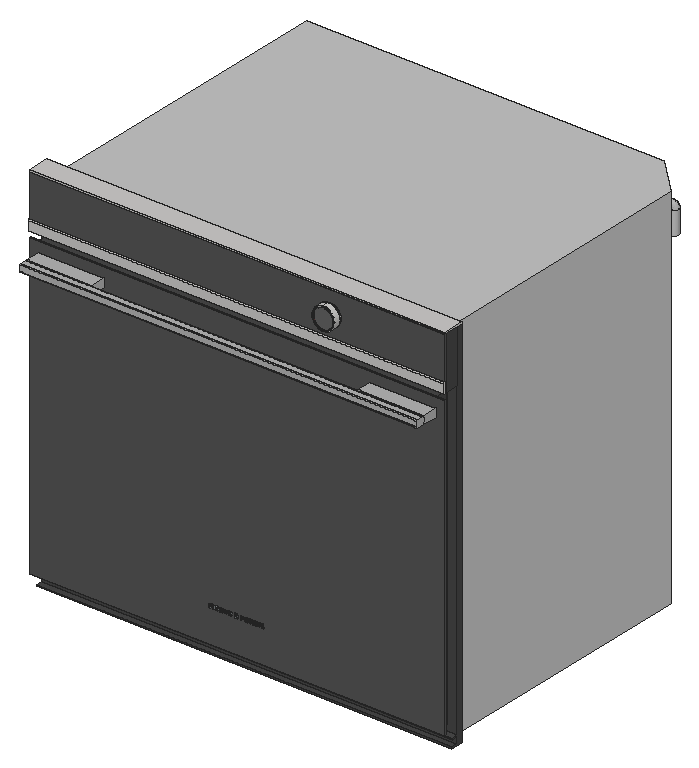
Revit family "FP-Revit18-OB30SD14PLX1-Oven-0-9000xxxxA", category Specialty Equipment, Revit 2018
Family settings
  Round Connector Dimension = Use Diameter
  Part Type = Normal
  OmniClass Number = 23.40.40.14.17.11
  OmniClass Title = Cookers, Ovens, Stoves
  Work Plane-Based = No
  Always vertical = Yes
  Cut with Voids When Loaded = Yes
  Shared = No
  Room Calculation Point = No
Parameters (values of type "OB30SD14PLX1")
  Visibility - Long Trim (Flush Installation) [instance] = no
  Visibility - Clearance Required = yes
  URL = "www.fisherpaykel.com"
  Product - Width = 760 mm  # constant formula
  Product - Height = 690 mm  # constant formula
  Product - Depth = 609 mm  # constant formula
  Model = "OB30SD14PLX1"
  Material - Trim = Fisher & Paykel - Stainless Steel
  Material - Structure = Fisher & Paykel - Black
  Material - Logo = Fisher & Paykel - Graphics Grey
  Material - Handle = Fisher & Paykel - Aluminium
  Material - Glass = Fisher & Paykel - Glass, Black
  Material - Buttons and Dials = Fisher & Paykel - Stainless Steel
  Material - Body = Fisher & Paykel - Grey
  Manufacturer = "Fisher & Paykel Appliances"
  FFL Offset [instance] = 182 mm
  Description = "30\" Self Cleaning Oven"
  Connector Note - Electrical = "208-240 V, 60 Hz, 16.6-19.4 A , 3.5-4.6 kW Max Load"
  Chassis - Width = 720 mm  # constant formula
  Chassis - Height = 675 mm  # constant formula
  Chassis - Depth = 569 mm  # constant formula
  Cavity - Width = 724 mm  # constant formula
  Cavity - Height = 681 mm  # constant formula
  Cavity - Depth = 575 mm  # constant formula
  Cabinet - Height = 693 mm  # constant formula
Reference planes
  plane 1 "Datum": y = 0
  plane 2: z = 0
  plane 3 "Center (Left/Right)": x = 0
  plane 4 "Cabinet - Height": z = 875
  plane 5 "Product LHS": x = -380
  plane 6 "Product RHS": x = 380
  plane 7 "Product - Depth": y = 569
  plane 8 "Cavity LHS": x = -382
  plane 9 "Cavity RHS": x = 382
  plane 10 "Cavity - Depth": y = 575
  plane 11 "Front Face": y = -40
  plane 12 "FFL Offset": z = 182
  plane 13 "Product - Height": z = 872
  plane 14: z = 863
Forms (mm)
  Extrusion 1, solid, material "Fisher & Paykel - Grey" <- "Material - Body"
    sketch origin (0, 0, 0) x (1, 0, 0) y (0, 1, 0)
      loop
        line (-359.809, 0) -> (360.191, 0) -> (360.191, 503) -> (294.191, 569) -> (-359.809, 569) -> (-359.809, 0)
    from 182 to 857
  Extrusion 2, solid, material "Fisher & Paykel - Clearance Required", visible <- "Visibility - Clearance Required", detail levels coarse
    sketch origin (0, 0, 0) x (1, 0, 0) y (0, 1, 0)
      loop
        line (-361.809, 0) -> (362.191, 0) -> (362.191, 575) -> (-361.809, 575) -> (-361.809, 0)
    from 182 to 863
  Extrusion 3, solid, material "Fisher & Paykel - Black" <- "Material - Structure"
    sketch origin (0, 0, 0) x (0, 1, 0) y (0, 0, 1)
      loop
        line (-11, 869.1) -> (-11, 199.834) -> (-21.5, 197.02) -> (-21.254, 196.102) -> (-11, 198.85) -> (-11, 183.95) -> (-22, 183.95) -> (-22, 182) -> (0, 182) -> (0, 869.1) -> (-11, 869.1)
    from -380 to 380
  Extrusion 4, solid, material "Fisher & Paykel - Black" <- "Material - Structure"
    sketch origin (0, 0, 0) x (0, 1, 0) y (0, 0, 1)
      loop
        line (-36, 869.1) -> (-36, 772) -> (-11, 772) -> (-11, 869.1) -> (-36, 869.1)
    from -380 to 380
  Extrusion 5, solid, material "Fisher & Paykel - Black" <- "Material - Structure"
    sketch origin (0, 0, 0) x (0, 1, 0) y (0, 0, 1)
      loop
        line (-16.2, 209.63) -> (-16.2, 759.665) -> (-36, 759.665) -> (-36, 209.63) -> (-16.2, 209.63)
    from -365 to 363.494
  Extrusion 6, solid, material "Fisher & Paykel - Black" <- "Material - Structure"
    sketch origin (0, 0, 0) x (0, 1, 0) y (0, 0, 1)
      loop
        line (-16.2, 759.665) -> (-16.2, 209.63) -> (-11, 209.63) -> (-11, 759.665) -> (-16.2, 759.665)
    from -361 to 361
  Extrusion 7, solid, material "Fisher & Paykel - Glass, Black" <- "Material - Glass"
    sketch origin (0, 0, 0) x (0, 1, 0) y (0, 0, 1)
      loop
        line (-40, 759.665) -> (-40, 209.63) -> (-36, 209.63) -> (-36, 759.665) -> (-40, 759.665)
    from -380 to 380
  Extrusion 8, solid, material "Fisher & Paykel - Glass, Black" <- "Material - Glass"
    sketch origin (0, 0, 0) x (0, 1, 0) y (0, 0, 1)
      loop
        line (-40, 868.639) -> (-40, 772) -> (-36, 772) -> (-36, 868.639) -> (-40, 868.639)
    from -380 to 380
  Extrusion 9, solid, material "Fisher & Paykel - Stainless Steel" <- "Material - Trim", detail levels fine
    sketch origin (0, 0, 0) x (0, 1, 0) y (0, 0, 1)
      loop
        line (-41.95, 789.531) -> (-41.95, 772) -> (-40, 772) -> (-40, 791.643) -> (-40.8, 791.643) -> (-41.95, 789.531)
    from -380 to 380
  Extrusion 10, solid, material "Fisher & Paykel - Clearance Required", visible <- "Visibility - Clearance Required", detail levels coarse
    sketch origin (0, -2000, 0) x (0, 1, 0) y (0, 0, 1)
      loop
        line (2000, 875) -> (1960.062, 875) -> (1960.062, 761.128)
        arc (1960.062, 761.128) -> (1570.095, 599.598) -> (1408.565, 209.63) r 551.498
        line (1408.565, 209.63) -> (1960, 209.63) -> (1960, 182) -> (2000, 182) -> (2000, 875)
    from -382 to 382
  Extrusion 11, solid, material "Fisher & Paykel - Stainless Steel" <- "Material - Trim"
    sketch origin (0, 0, 0) x (0, 1, 0) y (0, 0, 1)
      loop
        line (-40, 872) -> (-40, 869.1) -> (0, 869.1) -> (0, 872) -> (-40, 872)
    from -380 to 380
  Extrusion 12, void
    sketch origin (0, 0, 0) x (1, 0, 0) y (0, 1, 0)
      loop
        line (-361.809, 575) -> (-361.809, 0) -> (362.191, 0) -> (362.191, 575) -> (-361.809, 575)
    from 182 to 863
  Extrusion 13, void
    sketch origin (0, 0, 0) x (1, 0, 0) y (0, 1, 0)
      loop
        line (-382, 0) -> (-382, -40) -> (382, -40) -> (382, 0) -> (-382, 0)
    from 182 to 875
  Revolve 14, solid, material "Fisher & Paykel - Stainless Steel" <- "Material - Buttons and Dials", detail levels fine
    sketch origin (170, -40, 827.5) x (0, 1, 0) y (0, 0, 1)
      loop
        line (0, 20.5) -> (-0.843, 20.5) -> (-0.843, 5.623) -> (-3.464, 5.623) -> (-3.464, 20.5) -> (-15, 20.5) -> (-15, 19.672) -> (-14.502, 18.5) -> (-8.9, 18.5) -> (-8.9, 0) -> (0, 0) -> (0, 20.5)
      axis (0, 0) -> (-15, 0)
    angle from 0 to 360
  Extrusion 15, solid, material "Fisher & Paykel - Stainless Steel, Dark", detail levels fine
    sketch origin (170, -40, 827.5) x (1, 0, 0) y (0, 0, 1)
      loop
        circle (0, 0) r 18
    from 8.9 to 14.502
  Extrusion 16, solid, material "Fisher & Paykel - Stainless Steel" <- "Material - Buttons and Dials", detail levels coarse+medium
    sketch origin (170, -40, 827.5) x (1, 0, 0) y (0, 0, 1)
      loop
        circle (0, 0) r 20.5
    from 0 to 15
  Extrusion 17, solid, material "Fisher & Paykel - Bezel Red", detail levels fine
    sketch origin (170, -40, 827.5) x (1, 0, 0) y (0, 0, 1)
      loop
        circle (0, 0) r 18.5
      loop
        circle (0, 0) r 18
    from 8.9 to 14.502
  Extrusion 18, solid, material "Fisher & Paykel - Aluminium" <- "Material - Handle", detail levels fine
    sketch origin (8.022, -41, 734.648) x (0, 1, 0) y (0, 0, 1)
      loop
        arc (-26.813, 6.16) -> (-27.196, 6.554) -> (-27.728, 6.686) r 1
        line (-27.728, 6.686) -> (-40.035, 6.256)
        arc (-40.035, 6.256) -> (-40.719, 5.951) -> (-41, 5.257) r 1
        line (-41, 5.257) -> (-41, -5.257)
        arc (-41, -5.257) -> (-40.719, -5.951) -> (-40.035, -6.256) r 1
        line (-40.035, -6.256) -> (-27.709, -6.686)
        arc (-27.709, -6.686) -> (-27.175, -6.554) -> (-26.792, -6.158) r 1
        arc (-26.792, -6.158) -> (-25.256, 0.004) -> (-26.813, 6.16) r 13.038
    from -371.522 to 355.478
  Extrusion 19, solid, material "Fisher & Paykel - Aluminium" <- "Material - Handle", detail levels fine
    sketch origin (8.022, -41, 734.648) x (0, 1, 0) y (0, 0, 1)
      loop
        arc (-26.626, -6.008) -> (-26.614, -6.49) -> (-26.2, -6.737) r 0.5
        line (-26.2, -6.737) -> (1, -7.732) -> (1, 7.741) -> (-26.174, 6.747)
        arc (-26.174, 6.747) -> (-26.587, 6.5) -> (-26.6, 6.019) r 0.5
        arc (-26.6, 6.019) -> (-25.156, 0.002) -> (-26.626, -6.008) r 13.136
    from 235.478 to 355.478
  Extrusion 20, solid, material "Fisher & Paykel - Aluminium" <- "Material - Handle", detail levels coarse+medium
    sketch origin (8.022, -42, 734.648) x (1, 0, 0) y (0, 1, 0)
      loop
        line (-371.522, -40) -> (355.478, -40) -> (355.478, 2) -> (235.478, 2) -> (235.478, -24.334) -> (-251.522, -24.334) -> (-251.522, 2) -> (-371.522, 2) -> (-371.522, -40)
    from -8.022 to 7.978
  Extrusion 21, solid, material "Fisher & Paykel - Aluminium" <- "Material - Handle", detail levels fine
    sketch origin (8.022, -41, 734.648) x (0, 1, 0) y (0, 0, 1)
      loop
        arc (-26.626, -6.008) -> (-26.614, -6.49) -> (-26.2, -6.737) r 0.5
        line (-26.2, -6.737) -> (1, -7.732) -> (1, 7.741) -> (-26.174, 6.747)
        arc (-26.174, 6.747) -> (-26.587, 6.5) -> (-26.6, 6.019) r 0.5
        arc (-26.6, 6.019) -> (-25.156, 0.002) -> (-26.626, -6.008) r 13.136
    from -371.522 to -251.522
  Extrusion 22, solid, material "Fisher & Paykel - Aluminium" <- "Material - Handle", not visible, detail levels fine
    sketch origin (8.022, -2041, 719.648) x (0, 1, 0) y (0, 0, 1)
      loop
        arc (-26.813, 6.16) -> (-27.196, 6.554) -> (-27.728, 6.686) r 1
        line (-27.728, 6.686) -> (-40.035, 6.256)
        arc (-40.035, 6.256) -> (-40.719, 5.951) -> (-41, 5.257) r 1
        line (-41, 5.257) -> (-41, -5.257)
        arc (-41, -5.257) -> (-40.719, -5.951) -> (-40.035, -6.256) r 1
        line (-40.035, -6.256) -> (-27.709, -6.686)
        arc (-27.709, -6.686) -> (-27.175, -6.554) -> (-26.792, -6.158) r 1
        arc (-26.792, -6.158) -> (-25.256, 0.004) -> (-26.813, 6.16) r 13.038
    from -371.522 to 355.478
  Extrusion 23, solid, material "Fisher & Paykel - Aluminium" <- "Material - Handle", not visible, detail levels fine
    sketch origin (8.022, -2041, 719.648) x (0, 1, 0) y (0, 0, 1)
      loop
        arc (-26.626, -6.008) -> (-26.614, -6.49) -> (-26.2, -6.737) r 0.5
        line (-26.2, -6.737) -> (1, -7.732) -> (1, 7.741) -> (-26.174, 6.747)
        arc (-26.174, 6.747) -> (-26.587, 6.5) -> (-26.6, 6.019) r 0.5
        arc (-26.6, 6.019) -> (-25.156, 0.002) -> (-26.626, -6.008) r 13.136
    from 235.478 to 355.478
  Extrusion 24, solid, material "Fisher & Paykel - Aluminium" <- "Material - Handle", not visible, detail levels coarse+medium
    sketch origin (8.022, -2042, 719.648) x (1, 0, 0) y (0, 1, 0)
      loop
        line (-371.522, -40) -> (355.478, -40) -> (355.478, 2) -> (235.478, 2) -> (235.478, -24.334) -> (-251.522, -24.334) -> (-251.522, 2) -> (-371.522, 2) -> (-371.522, -40)
    from -8.022 to 7.978
  Extrusion 25, solid, material "Fisher & Paykel - Aluminium" <- "Material - Handle", not visible, detail levels fine
    sketch origin (8.022, -2041, 719.648) x (0, 1, 0) y (0, 0, 1)
      loop
        arc (-26.626, -6.008) -> (-26.614, -6.49) -> (-26.2, -6.737) r 0.5
        line (-26.2, -6.737) -> (1, -7.732) -> (1, 7.741) -> (-26.174, 6.747)
        arc (-26.174, 6.747) -> (-26.587, 6.5) -> (-26.6, 6.019) r 0.5
        arc (-26.6, 6.019) -> (-25.156, 0.002) -> (-26.626, -6.008) r 13.136
    from -371.522 to -251.522
  Extrusion 26, solid, material "Fisher & Paykel - Grey" <- "Material - Body"
    sketch origin (327.191, 536, 812.625) x (0.707107, -0.707107, 0) y (0, 0, 1)
      loop
        circle (0, 0) r 14.523
      loop
        circle (0, 0) r 7.273
    from -3.02 to 0
  Sweep 27, solid, material "Fisher & Paykel - Grey" <- "Material - Body"
    path origin (327.191, 536, 812.625) x (0.707107, 0.707107, 0) y (0, 0, 1)
      loop
        line (0, 0) -> (2.546, 0)
        arc (2.546, 0) -> (8.203, -2.343) -> (10.546, -8) r 8
        line (10.546, -8) -> (10.546, -49.977)
    profile origin (328.091, 536.9, 812.625) x (0, 0, 1) y (0.707107, -0.707107, 0)
      loop
        circle (0, 0) r 7.273
  Extrusion 28, solid, material "Fisher & Paykel - Grey" <- "Material - Body", not visible
    sketch origin (327.191, 536, 797.625) x (0.707107, -0.707107, 0) y (0, 0, 1)
      loop
        circle (0, 0) r 14.523
      loop
        circle (0, 0) r 7.273
    from -3.02 to 0
  Sweep 29, solid, material "Fisher & Paykel - Grey" <- "Material - Body", not visible
    path origin (327.191, 536, 797.625) x (0.707107, 0.707107, 0) y (0, 0, 1)
      loop
        line (0, 0) -> (2.546, 0)
        arc (2.546, 0) -> (8.203, -2.343) -> (10.546, -8) r 8
        line (10.546, -8) -> (10.546, -49.977)
    profile origin (328.091, 536.9, 797.625) x (0, 0, 1) y (0.707107, -0.707107, 0)
      loop
        circle (0, 0) r 7.273
  Extrusion 30, solid, material "Fisher & Paykel - Graphics Grey" <- "Material - Logo", detail levels fine
    sketch origin (0, -39.2, 255.6) x (1, 0, 0) y (0, 0, 1)
      loop
        line (-50.044, 15) -> (-48.47, 15) -> (-48.47, 17.138) -> (-46.011, 17.138) -> (-46.011, 18.472) -> (-48.47, 18.472) -> (-48.47, 19.712) -> (-45.795, 19.712) -> (-45.795, 21.04) -> (-50.044, 21.04) -> (-50.044, 15)
      loop
        line (-42.804, 21.04) -> (-42.804, 15) -> (-41.23, 15) -> (-41.23, 21.04) -> (-42.804, 21.04)
      loop
        line (-30.724, 21.04) -> (-30.724, 15) -> (-29.151, 15) -> (-29.151, 17.42) -> (-26.839, 17.42) -> (-26.839, 15) -> (-25.265, 15) -> (-25.265, 21.04) -> (-26.839, 21.04) -> (-26.839, 18.748) -> (-29.151, 18.748) -> (-29.151, 21.04) -> (-30.724, 21.04)
      loop
        line (-21.906, 21.04) -> (-21.906, 15) -> (-17.602, 15) -> (-17.602, 16.328) -> (-20.347, 16.328) -> (-20.347, 17.42) -> (-17.838, 17.42) -> (-17.838, 18.748) -> (-20.347, 18.748) -> (-20.347, 19.712) -> (-17.602, 19.712) -> (-17.602, 21.04) -> (-21.906, 21.04)
      loop
        line (45.667, 21.04) -> (45.667, 15) -> (49.956, 15) -> (49.956, 16.328) -> (47.241, 16.328) -> (47.241, 21.04) -> (45.667, 21.04)
      loop
        line (42.431, 21.04) -> (38.112, 21.04) -> (38.112, 15) -> (42.431, 15) -> (42.431, 16.328) -> (39.687, 16.328) -> (39.687, 17.42) -> (42.195, 17.42) -> (42.195, 18.748) -> (39.687, 18.748) -> (39.687, 19.712) -> (42.431, 19.712) -> (42.431, 21.04)
      loop
        line (33.451, 18.148) -> (35.683, 21.04) -> (33.844, 21.04) -> (31.915, 18.542) -> (31.915, 21.04) -> (30.342, 21.04) -> (30.342, 15) -> (31.915, 15) -> (31.915, 17.705) -> (33.903, 15) -> (35.763, 15) -> (33.451, 18.148)
      loop
        line (21.98, 21.04) -> (24.262, 17.42) -> (24.262, 15) -> (25.837, 15) -> (25.837, 17.341) -> (28.119, 21.04) -> (26.446, 21.04) -> (25.099, 18.707) -> (23.753, 21.04) -> (21.98, 21.04)
      loop
        line (18.479, 21.04) -> (16.983, 21.04) -> (14.524, 15) -> (16.069, 15) -> (16.501, 16.112) -> (18.921, 16.112) -> (19.354, 15) -> (20.938, 15) -> (18.479, 21.04)
      loop
        line (18.4, 17.439) -> (17.693, 19.174) -> (17.018, 17.439) -> (18.4, 17.439)
      loop
        line (8.031, 21.04) -> (8.031, 15) -> (9.605, 15) -> (9.605, 16.938) -> (10.599, 16.938)
        arc (10.599, 16.938) -> (12.65, 18.989) -> (10.599, 21.04) r 2.051
        line (10.599, 21.04) -> (8.031, 21.04)
      loop
        line (9.605, 19.712) -> (9.605, 18.197) -> (10.501, 18.197)
        arc (10.501, 18.197) -> (11.259, 18.954) -> (10.501, 19.712) r 0.757
        line (10.501, 19.712) -> (9.605, 19.712)
      loop
        line (-11.783, 21.04) -> (-14.366, 21.04) -> (-14.366, 15) -> (-12.792, 15) -> (-12.792, 16.336) -> (-11.992, 16.336) -> (-10.972, 15) -> (-9.153, 15) -> (-10.694, 16.973)
        arc (-10.694, 16.973) -> (-9.678, 19.424) -> (-11.783, 21.04) r 2.179
      loop
        line (-11.897, 19.712) -> (-12.792, 19.712) -> (-12.792, 18.053) -> (-11.897, 18.053)
        arc (-11.897, 18.053) -> (-11.068, 18.882) -> (-11.897, 19.712) r 0.83
      loop
        line (0.477, 19.712) -> (0.477, 21.153) -> (-3.575, 21.153) -> (-3.575, 19.851) -> (-2.974, 19.112)
        arc (-2.974, 19.112) -> (-3.51, 15.684) -> (-0.045, 15.512) r 2.334
        line (-0.045, 15.512) -> (0.46, 14.891) -> (2.246, 14.891) -> (0.86, 16.594) -> (2.061, 18.324) -> (0.443, 18.324) -> (-0.013, 17.667) -> (-1.677, 19.712) -> (0.477, 19.712)
      loop
        arc (-2.125, 18.068) -> (-2.269, 16.668) -> (-0.868, 16.524) r 0.996
        line (-0.868, 16.524) -> (-2.125, 18.068)
      loop
        line (-35.18, 18.634) -> (-36.516, 18.91)
        arc (-36.516, 18.91) -> (-37.049, 19.443) -> (-36.516, 19.976) r 0.533
        arc (-36.516, 19.976) -> (-35.235, 19.79) -> (-34.059, 19.248) r 4.505
        line (-34.059, 19.248) -> (-34.059, 20.743)
        arc (-34.059, 20.743) -> (-35.549, 21.179) -> (-37.1, 21.109) r 4.726
        arc (-37.1, 21.109) -> (-38.536, 19.335) -> (-37.1, 17.561) r 1.814
        line (-37.1, 17.561) -> (-35.754, 17.282)
        arc (-35.754, 17.282) -> (-35.221, 16.749) -> (-35.754, 16.216) r 0.533
        arc (-35.754, 16.216) -> (-37.035, 16.402) -> (-38.211, 16.945) r 4.505
        line (-38.211, 16.945) -> (-38.211, 15.449)
        arc (-38.211, 15.449) -> (-36.72, 15.013) -> (-35.169, 15.083) r 4.726
        arc (-35.169, 15.083) -> (-33.734, 16.863) -> (-35.18, 18.634) r 1.814
    from 0.8 to 1.6
  Extrusion 31, solid, material "Fisher & Paykel - Black" <- "Material - Structure", visible <- "Visibility - Long Trim (Flush Installation)"
    sketch origin (0, 0.127, 0) x (0, 1, 0) y (0, 0, 1)
      loop
        line (-39.127, 183.95) -> (-39.127, 182) -> (0, 182) -> (0, 183.95) -> (-39.127, 183.95)
    from -380 to 380
  Revolve 32, solid, material "Fisher & Paykel - Stainless Steel" <- "Material - Buttons and Dials", not visible, detail levels fine
    sketch origin (170, -40, 827.5) x (0, 1, 0) y (0, 0, 1)
      loop
        line (0, 20.5) -> (-0.843, 20.5) -> (-0.843, 5.623) -> (-3.464, 5.623) -> (-3.464, 20.5) -> (-15, 20.5) -> (-15, 19.672) -> (-14.502, 18.5) -> (-8.9, 18.5) -> (-8.9, 0) -> (0, 0) -> (0, 20.5)
      axis (0, 0) -> (-15, 0)
    angle from 0 to 360
  Extrusion 33, solid, material "Fisher & Paykel - Stainless Steel, Dark", not visible, detail levels fine
    sketch origin (170, -40, 827.5) x (1, 0, 0) y (0, 0, 1)
      loop
        circle (0, 0) r 18
    from 8.9 to 14.502
  Extrusion 34, solid, material "Fisher & Paykel - Stainless Steel" <- "Material - Buttons and Dials", not visible, detail levels coarse+medium
    sketch origin (170, -40, 827.5) x (1, 0, 0) y (0, 0, 1)
      loop
        circle (0, 0) r 20.5
    from 0 to 15
  Extrusion 35, solid, material "Fisher & Paykel - Bezel Red", not visible, detail levels fine
    sketch origin (170, -40, 827.5) x (1, 0, 0) y (0, 0, 1)
      loop
        circle (0, 0) r 18.5
      loop
        circle (0, 0) r 18
    from 8.9 to 14.502
Text (mm)
  text "Due to ongoing product development, product details are subject to change without notice. \nPlease always refer to www.fisherpaykel.com for the most current product information. \n© Fisher & Paykel 2020" at (41.04, -678.295, 0), in view "Ref. Level (Plan)"
Dimensions and locks
  equal spacing: plane 5 "Product LHS", plane 3 "Center (Left/Right)", plane 6 "Product RHS"
  "Product - Width": plane 5 "Product LHS" to plane 6 "Product RHS"
  equal spacing: plane 8 "Cavity LHS", plane 3 "Center (Left/Right)", plane 9 "Cavity RHS"
  "Cavity - Width": Extrusion 2 to Extrusion 2
  "Chassis - Width": Extrusion 1 to Extrusion 1
  locked: plane 11 "Front Face" to plane 1 "Datum" at 40
  "FFL Offset": plane 12 "FFL Offset" to level
  "Chassis - Height": Extrusion 1 to plane 12 "FFL Offset"
  locked: Extrusion 5 to plane 12 "FFL Offset" at 27.63
  plane 4 "Cabinet - Height" to plane 12 "FFL Offset" = 693 mm
  "Product - Height": plane 12 "FFL Offset" to plane 13 "Product - Height"
  Extrusion 4 to plane 13 "Product - Height" = 100 mm
  locked: Extrusion 20 to plane 13 "Product - Height" at 129.374
  locked: Sweep 27 to plane 13 "Product - Height" at 109.352
  "Chassis - Depth": plane 1 "Datum" to plane 7 "Product - Depth"
  "Cavity - Depth": plane 10 "Cavity - Depth" to plane 1 "Datum"
  "Cavity - Height": plane 12 "FFL Offset" to plane 14
  locked: plane 8 "Cavity LHS" to plane 9 "Cavity RHS" at 764
  aligned and locked: level to plane 2
  aligned and locked: plane 5 "Product LHS" to Extrusion 3
  aligned and locked: Extrusion 3 to plane 6 "Product RHS"
  aligned and locked: plane 8 "Cavity LHS" to Extrusion 10
  aligned and locked: Extrusion 10 to plane 9 "Cavity RHS"
  aligned and locked: Extrusion 10 sketch curve to plane 12 "FFL Offset"
  aligned and locked: plane 12 "FFL Offset" to Extrusion 3 sketch curve
  aligned and locked: Extrusion 3 to Extrusion 1
  aligned and locked: Extrusion 5 to Extrusion 6
  aligned and locked: Extrusion 7 to Extrusion 5
  aligned and locked: Extrusion 12 to Extrusion 1
  aligned and locked: Extrusion 12 to Extrusion 2
  aligned and locked: Extrusion 13 to Extrusion 1
  aligned and locked: plane 4 "Cabinet - Height" to Extrusion 13
  aligned and locked: Extrusion 2 to Extrusion 1
  aligned and locked: Extrusion 11 to plane 13 "Product - Height"
  aligned and locked: Extrusion 12 to plane 14
  aligned and locked: Extrusion 2 to plane 14
  aligned and locked: Extrusion 10 to Extrusion 7
  aligned and locked: Extrusion 31 sketch curve to Extrusion 3
  aligned and locked: Extrusion 31 sketch curve to Extrusion 12
Automatic sketch dimensions
  Extrusion 18 sketch curve to Extrusion 18 sketch curve = 0.965 mm  (x2)
  Extrusion 18 sketch curve to Extrusion 18 sketch curve = 0.035 mm  (x4)
  Extrusion 18 sketch curve to Extrusion 18 sketch curve = 1.706 mm
  Extrusion 18 sketch curve to Extrusion 18 sketch curve = 12.307 mm
  Extrusion 18 sketch curve to Extrusion 18 sketch curve = 12.326 mm
  Extrusion 18 sketch curve to Extrusion 18 sketch curve = 0.999 mm  (x2)
  Extrusion 18 sketch curve to Extrusion 18 sketch curve = 5.238 mm
  Extrusion 18 sketch curve to Extrusion 18 sketch curve = 0 mm
  Extrusion 19 sketch curve to Extrusion 19 sketch curve = 12.091 mm
  Extrusion 19 sketch curve to Extrusion 19 sketch curve = 0.018 mm  (x2)
  Extrusion 19 sketch curve to Extrusion 19 sketch curve = 0.008 mm
  Extrusion 19 sketch curve to Extrusion 19 sketch curve = 27.174 mm
  Extrusion 19 sketch curve to Extrusion 19 sketch curve = 15.473 mm
  Extrusion 19 sketch curve to Extrusion 19 sketch curve = 0.5 mm  (x2)
  Extrusion 19 sketch curve to Extrusion 19 sketch curve = 0 mm
  Extrusion 21 sketch curve to Extrusion 21 sketch curve = 12.091 mm
  Extrusion 21 sketch curve to Extrusion 21 sketch curve = 0.018 mm  (x2)
  Extrusion 21 sketch curve to Extrusion 21 sketch curve = 0.008 mm
  Extrusion 21 sketch curve to Extrusion 21 sketch curve = 27.174 mm
  Extrusion 21 sketch curve to Extrusion 21 sketch curve = 15.473 mm
  Extrusion 21 sketch curve to Extrusion 21 sketch curve = 0.5 mm  (x2)
  Extrusion 21 sketch curve to Extrusion 21 sketch curve = 0 mm
  Extrusion 18 sketch curve to Extrusion 18 sketch curve = 0.43 mm
  Extrusion 18 sketch curve to Extrusion 18 sketch curve = 5.275 mm
  Extrusion 18 sketch curve to Extrusion 18 sketch curve = 11.374 mm
  Extrusion 19 sketch curve to Extrusion 19 sketch curve = 0.995 mm
  Extrusion 19 sketch curve to Extrusion 19 sketch curve = 6.268 mm
  Extrusion 19 sketch curve to Extrusion 19 sketch curve = 12.255 mm
  Extrusion 21 sketch curve to Extrusion 21 sketch curve = 0.995 mm
  Extrusion 21 sketch curve to Extrusion 21 sketch curve = 6.268 mm
  Extrusion 21 sketch curve to Extrusion 21 sketch curve = 12.255 mm
  Extrusion 20 sketch curve to Extrusion 20 sketch curve = 120 mm  (x2)
  Extrusion 20 sketch curve to Extrusion 20 sketch curve = 15.666 mm
  Extrusion 20 sketch curve to Extrusion 20 sketch curve = 26.334 mm  (x2)
  Extrusion 20 sketch curve to Extrusion 20 sketch curve = 487 mm
  Extrusion 22 sketch curve to Extrusion 22 sketch curve = 0.965 mm  (x2)
  Extrusion 22 sketch curve to Extrusion 22 sketch curve = 0.035 mm  (x4)
  Extrusion 22 sketch curve to Extrusion 22 sketch curve = 1.706 mm
  Extrusion 22 sketch curve to Extrusion 22 sketch curve = 12.307 mm
  Extrusion 22 sketch curve to Extrusion 22 sketch curve = 12.326 mm
  Extrusion 22 sketch curve to Extrusion 22 sketch curve = 0.999 mm  (x2)
  Extrusion 22 sketch curve to Extrusion 22 sketch curve = 5.238 mm
  Extrusion 22 sketch curve to Extrusion 22 sketch curve = 0 mm
  Extrusion 23 sketch curve to Extrusion 23 sketch curve = 12.091 mm
  Extrusion 23 sketch curve to Extrusion 23 sketch curve = 0.018 mm  (x2)
  Extrusion 23 sketch curve to Extrusion 23 sketch curve = 0.008 mm
  Extrusion 23 sketch curve to Extrusion 23 sketch curve = 27.174 mm
  Extrusion 23 sketch curve to Extrusion 23 sketch curve = 15.473 mm
  Extrusion 23 sketch curve to Extrusion 23 sketch curve = 0.5 mm  (x2)
  Extrusion 23 sketch curve to Extrusion 23 sketch curve = 0 mm
  Extrusion 25 sketch curve to Extrusion 25 sketch curve = 12.091 mm
  Extrusion 25 sketch curve to Extrusion 25 sketch curve = 0.018 mm  (x2)
  Extrusion 25 sketch curve to Extrusion 25 sketch curve = 0.008 mm
  Extrusion 25 sketch curve to Extrusion 25 sketch curve = 27.174 mm
  Extrusion 25 sketch curve to Extrusion 25 sketch curve = 15.473 mm
  Extrusion 25 sketch curve to Extrusion 25 sketch curve = 0.5 mm  (x2)
  Extrusion 25 sketch curve to Extrusion 25 sketch curve = 0 mm
  Extrusion 22 sketch curve to Extrusion 22 sketch curve = 0.43 mm
  Extrusion 22 sketch curve to Extrusion 22 sketch curve = 5.275 mm
  Extrusion 22 sketch curve to Extrusion 22 sketch curve = 11.374 mm
  Extrusion 23 sketch curve to Extrusion 23 sketch curve = 0.995 mm
  Extrusion 23 sketch curve to Extrusion 23 sketch curve = 6.268 mm
  Extrusion 23 sketch curve to Extrusion 23 sketch curve = 12.255 mm
  Extrusion 25 sketch curve to Extrusion 25 sketch curve = 0.995 mm
  Extrusion 25 sketch curve to Extrusion 25 sketch curve = 6.268 mm
  Extrusion 25 sketch curve to Extrusion 25 sketch curve = 12.255 mm
  Extrusion 24 sketch curve to Extrusion 24 sketch curve = 120 mm  (x2)
  Extrusion 24 sketch curve to Extrusion 24 sketch curve = 15.666 mm
  Extrusion 24 sketch curve to Extrusion 24 sketch curve = 26.334 mm  (x2)
  Extrusion 24 sketch curve to Extrusion 24 sketch curve = 487 mm
  Extrusion 26 sketch curve to Extrusion 26 sketch curve = 0 mm  (x4)
  Sweep 27 sketch curve to Sweep 27 sketch curve = 8 mm
  Sweep 27 sketch curve to Sweep 27 sketch curve = 2.546 mm
  Sweep 27 sketch curve to Sweep 27 sketch curve = 41.977 mm
  Sweep 27 sketch curve to profile plane = 0 mm  (x2)
  Extrusion 28 sketch curve to Extrusion 28 sketch curve = 0 mm  (x4)
  Sweep 29 sketch curve to Sweep 29 sketch curve = 8 mm
  Sweep 29 sketch curve to Sweep 29 sketch curve = 2.546 mm
  Sweep 29 sketch curve to Sweep 29 sketch curve = 41.977 mm
  Sweep 29 sketch curve to profile plane = 0 mm  (x2)
  plane 1 "Datum" to Extrusion 1 sketch curve = 0 mm
  Extrusion 1 sketch curve to plane 7 "Product - Depth" = 0 mm
  Extrusion 1 sketch curve to plane 5 "Product LHS" = 20.191 mm
  plane 6 "Product RHS" to Extrusion 1 sketch curve = 85.809 mm
  plane 6 "Product RHS" to Extrusion 1 sketch curve = 19.809 mm
  Extrusion 1 sketch curve to plane 7 "Product - Depth" = 66 mm
  plane 1 "Datum" to Extrusion 2 sketch curve = 0 mm
  plane 10 "Cavity - Depth" to Extrusion 2 sketch curve = 0 mm
  Extrusion 2 sketch curve to plane 5 "Product LHS" = 18.191 mm
  plane 6 "Product RHS" to Extrusion 2 sketch curve = 17.809 mm
  Extrusion 3 sketch curve to plane 1 "Datum" = 0 mm
  plane 1 "Datum" to Extrusion 3 sketch curve = 11 mm
  Extrusion 3 sketch curve to Extrusion 3 sketch curve = 0 mm
  Extrusion 3 sketch curve to Extrusion 3 sketch curve = 10.254 mm
  plane 12 "FFL Offset" to Extrusion 3 sketch curve = 15.02 mm
  Extrusion 3 sketch curve to Extrusion 3 sketch curve = 0.246 mm
  plane 12 "FFL Offset" to Extrusion 3 sketch curve = 1.95 mm
  Extrusion 3 sketch curve to Extrusion 3 sketch curve = 11 mm
  Extrusion 3 sketch curve to Extrusion 3 sketch curve = 0.918 mm
  plane 13 "Product - Height" to Extrusion 3 sketch curve = 2.9 mm
  plane 11 "Front Face" to Extrusion 4 sketch curve = 4 mm
  plane 1 "Datum" to Extrusion 4 sketch curve = 11 mm
  plane 14 to Extrusion 4 sketch curve = 91 mm
  plane 13 "Product - Height" to Extrusion 4 sketch curve = 2.9 mm
  plane 11 "Front Face" to Extrusion 5 sketch curve = 4 mm
  plane 1 "Datum" to Extrusion 5 sketch curve = 16.2 mm
  plane 12 "FFL Offset" to Extrusion 5 sketch curve = 27.63 mm
  plane 14 to Extrusion 5 sketch curve = 103.335 mm
  plane 1 "Datum" to Extrusion 6 sketch curve = 16.2 mm
  Extrusion 6 sketch curve to Extrusion 6 sketch curve = 5.2 mm
  plane 12 "FFL Offset" to Extrusion 6 sketch curve = 27.63 mm
  plane 14 to Extrusion 6 sketch curve = 103.335 mm
  Extrusion 7 sketch curve to plane 11 "Front Face" = 0 mm
  Extrusion 7 sketch curve to Extrusion 7 sketch curve = 4 mm
  plane 12 "FFL Offset" to Extrusion 7 sketch curve = 27.63 mm
  plane 14 to Extrusion 7 sketch curve = 103.335 mm
  Extrusion 8 sketch curve to plane 11 "Front Face" = 0 mm
  Extrusion 8 sketch curve to Extrusion 8 sketch curve = 4 mm
  plane 14 to Extrusion 8 sketch curve = 91 mm
  plane 13 "Product - Height" to Extrusion 8 sketch curve = 3.361 mm
  Extrusion 9 sketch curve to plane 11 "Front Face" = 0 mm
  Extrusion 9 sketch curve to plane 11 "Front Face" = 0.8 mm
  Extrusion 9 sketch curve to plane 11 "Front Face" = 1.95 mm
  plane 14 to Extrusion 9 sketch curve = 91 mm
  Extrusion 9 sketch curve to Extrusion 9 sketch curve = 17.531 mm
  Extrusion 9 sketch curve to Extrusion 9 sketch curve = 2.112 mm
  plane 11 "Front Face" to Extrusion 10 sketch curve = 0.062 mm
  Extrusion 10 sketch curve to plane 11 "Front Face" = 0 mm
  Extrusion 10 sketch curve to plane 1 "Datum" = 0 mm
  plane 12 "FFL Offset" to Extrusion 10 sketch curve = 27.63 mm
  Extrusion 10 sketch curve to plane 11 "Front Face" = 551.435 mm
  Extrusion 10 sketch curve to plane 4 "Cabinet - Height" = 0 mm
  Extrusion 11 sketch curve to plane 11 "Front Face" = 0 mm
  Extrusion 11 sketch curve to plane 1 "Datum" = 0 mm
  plane 13 "Product - Height" to Extrusion 11 sketch curve = 0 mm
  Extrusion 11 sketch curve to Extrusion 11 sketch curve = 2.9 mm
  plane 1 "Datum" to Extrusion 12 sketch curve = 0 mm
  Extrusion 12 sketch curve to plane 5 "Product LHS" = 18.191 mm
  plane 6 "Product RHS" to Extrusion 12 sketch curve = 17.809 mm
  plane 10 "Cavity - Depth" to Extrusion 12 sketch curve = 0 mm
  Extrusion 13 sketch curve to plane 8 "Cavity LHS" = 0 mm
  Extrusion 13 sketch curve to plane 9 "Cavity RHS" = 0 mm
  Extrusion 13 sketch curve to plane 11 "Front Face" = 0 mm
  plane 1 "Datum" to Extrusion 13 sketch curve = 0 mm
  Extrusion 30 sketch curve to plane 3 "Center (Left/Right)" = 50.044 mm
  Extrusion 30 sketch curve to Extrusion 30 sketch curve = 1.574 mm  (x12)
  Extrusion 30 sketch curve to Extrusion 30 sketch curve = 2.459 mm
  Extrusion 30 sketch curve to Extrusion 30 sketch curve = 0.216 mm
  Extrusion 30 sketch curve to Extrusion 30 sketch curve = 3.207 mm
  Extrusion 30 sketch curve to Extrusion 30 sketch curve = 3.02 mm
  Extrusion 30 sketch curve to Extrusion 30 sketch curve = 1.11 mm
  Extrusion 30 sketch curve to Extrusion 30 sketch curve = 0.379 mm
  Extrusion 30 sketch curve to Extrusion 30 sketch curve = 0.206 mm  (x2)
  Extrusion 30 sketch curve to Extrusion 30 sketch curve = 0.36 mm  (x2)
  Extrusion 30 sketch curve to Extrusion 30 sketch curve = 0.402 mm
  Extrusion 30 sketch curve to Extrusion 30 sketch curve = 0 mm  (x21)
  Extrusion 30 sketch curve to Extrusion 30 sketch curve = 1.335 mm  (x2)
  Extrusion 30 sketch curve to Extrusion 30 sketch curve = 1.121 mm
  Extrusion 30 sketch curve to Extrusion 30 sketch curve = 3.335 mm
  Extrusion 30 sketch curve to Extrusion 30 sketch curve = 2.312 mm  (x2)
  Extrusion 30 sketch curve to Extrusion 30 sketch curve = 3.359 mm
  Extrusion 30 sketch curve to Extrusion 30 sketch curve = 1.559 mm
  Extrusion 30 sketch curve to Extrusion 30 sketch curve = 2.508 mm  (x2)
  Extrusion 30 sketch curve to Extrusion 30 sketch curve = 0.236 mm  (x4)
  Extrusion 30 sketch curve to Extrusion 30 sketch curve = 3.236 mm  (x2)
  Extrusion 30 sketch curve to Extrusion 30 sketch curve = 0.8 mm
  Extrusion 30 sketch curve to Extrusion 30 sketch curve = 0.895 mm
  Extrusion 30 sketch curve to Extrusion 30 sketch curve = 0.114 mm
  Extrusion 30 sketch curve to Extrusion 30 sketch curve = 1.02 mm
  Extrusion 30 sketch curve to Extrusion 30 sketch curve = 1.298 mm
  Extrusion 30 sketch curve to Extrusion 30 sketch curve = 1.82 mm
  Extrusion 30 sketch curve to plane 3 "Center (Left/Right)" = 3.575 mm
  Extrusion 30 sketch curve to Extrusion 30 sketch curve = 0.602 mm
  Extrusion 30 sketch curve to Extrusion 30 sketch curve = 0.849 mm
  Extrusion 30 sketch curve to Extrusion 30 sketch curve = 0.425 mm
  Extrusion 30 sketch curve to Extrusion 30 sketch curve = 1.297 mm
  Extrusion 30 sketch curve to Extrusion 30 sketch curve = 0.203 mm
  Extrusion 30 sketch curve to Extrusion 30 sketch curve = 0.628 mm
  Extrusion 30 sketch curve to Extrusion 30 sketch curve = 0.824 mm
  Extrusion 30 sketch curve to Extrusion 30 sketch curve = 0.855 mm
  Extrusion 30 sketch curve to Extrusion 30 sketch curve = 0.456 mm
  Extrusion 30 sketch curve to Extrusion 30 sketch curve = 0.505 mm
  plane 3 "Center (Left/Right)" to Extrusion 30 sketch curve = 0.477 mm
  plane 3 "Center (Left/Right)" to Extrusion 30 sketch curve = 0.86 mm
  plane 3 "Center (Left/Right)" to Extrusion 30 sketch curve = 2.061 mm
  plane 3 "Center (Left/Right)" to Extrusion 30 sketch curve = 2.246 mm
  plane 3 "Center (Left/Right)" to Extrusion 30 sketch curve = 8.031 mm
  Extrusion 30 sketch curve to Extrusion 30 sketch curve = 0.896 mm
  Extrusion 30 sketch curve to Extrusion 30 sketch curve = 0.994 mm
  Extrusion 30 sketch curve to Extrusion 30 sketch curve = 3.925 mm
  Extrusion 30 sketch curve to Extrusion 30 sketch curve = 1.545 mm
  Extrusion 30 sketch curve to Extrusion 30 sketch curve = 0.433 mm  (x2)
  Extrusion 30 sketch curve to Extrusion 30 sketch curve = 0.482 mm
  Extrusion 30 sketch curve to Extrusion 30 sketch curve = 0.517 mm
  Extrusion 30 sketch curve to Extrusion 30 sketch curve = 0.675 mm
  Extrusion 30 sketch curve to Extrusion 30 sketch curve = 1.381 mm
  Extrusion 30 sketch curve to Extrusion 30 sketch curve = 1.495 mm
  Extrusion 30 sketch curve to Extrusion 30 sketch curve = 0.522 mm
  Extrusion 30 sketch curve to Extrusion 30 sketch curve = 1.584 mm
  Extrusion 30 sketch curve to Extrusion 30 sketch curve = 3.502 mm
  Extrusion 30 sketch curve to Extrusion 30 sketch curve = 1.772 mm
  Extrusion 30 sketch curve to Extrusion 30 sketch curve = 0.51 mm
  Extrusion 30 sketch curve to Extrusion 30 sketch curve = 0.837 mm
  Extrusion 30 sketch curve to Extrusion 30 sketch curve = 0.737 mm
  Extrusion 30 sketch curve to Extrusion 30 sketch curve = 2.694 mm
  Extrusion 30 sketch curve to Extrusion 30 sketch curve = 1.673 mm
  Extrusion 30 sketch curve to Extrusion 30 sketch curve = 2.223 mm
  Extrusion 30 sketch curve to Extrusion 30 sketch curve = 1.535 mm
  Extrusion 30 sketch curve to Extrusion 30 sketch curve = 1.928 mm
  Extrusion 30 sketch curve to Extrusion 30 sketch curve = 1.987 mm
  Extrusion 30 sketch curve to Extrusion 30 sketch curve = 1.839 mm
  Extrusion 30 sketch curve to Extrusion 30 sketch curve = 1.86 mm
  Extrusion 30 sketch curve to Extrusion 30 sketch curve = 2.429 mm
  Extrusion 30 sketch curve to Extrusion 30 sketch curve = 2.715 mm
  plane 12 "FFL Offset" to Extrusion 30 sketch curve = 88.491 mm
  Extrusion 30 sketch curve to Extrusion 30 sketch curve = 0.109 mm  (x5)
  Extrusion 30 sketch curve to Extrusion 30 sketch curve = 0.449 mm
  Extrusion 30 sketch curve to Extrusion 30 sketch curve = 0.023 mm
  Extrusion 30 sketch curve to Extrusion 30 sketch curve = 0.621 mm
  Extrusion 30 sketch curve to Extrusion 30 sketch curve = 1.112 mm
  Extrusion 30 sketch curve to Extrusion 30 sketch curve = 1.328 mm  (x10)
  Extrusion 30 sketch curve to Extrusion 30 sketch curve = 1.336 mm
  Extrusion 30 sketch curve to Extrusion 30 sketch curve = 1.015 mm
  Extrusion 30 sketch curve to Extrusion 30 sketch curve = 1.012 mm
  Extrusion 30 sketch curve to Extrusion 30 sketch curve = 1.082 mm
  Extrusion 30 sketch curve to Extrusion 30 sketch curve = 0.262 mm  (x2)
  Extrusion 30 sketch curve to Extrusion 30 sketch curve = 1.938 mm
  Extrusion 30 sketch curve to Extrusion 30 sketch curve = 1.496 mm  (x2)
  Extrusion 30 sketch curve to Extrusion 30 sketch curve = 0.637 mm
  Extrusion 30 sketch curve to Extrusion 30 sketch curve = 2.138 mm
  Extrusion 30 sketch curve to Extrusion 30 sketch curve = 0.632 mm
  Extrusion 30 sketch curve to Extrusion 30 sketch curve = 0.424 mm  (x2)
  Extrusion 30 sketch curve to Extrusion 30 sketch curve = 0.14 mm
  Extrusion 30 sketch curve to Extrusion 30 sketch curve = 2.341 mm
  Extrusion 30 sketch curve to Extrusion 30 sketch curve = 1.092 mm  (x2)
  Extrusion 30 sketch curve to Extrusion 30 sketch curve = 2.42 mm
  Extrusion 30 sketch curve to Extrusion 30 sketch curve = 0.079 mm
  Extrusion 30 sketch curve to Extrusion 30 sketch curve = 0.616 mm
  Extrusion 30 sketch curve to Extrusion 30 sketch curve = 1.073 mm
  Extrusion 30 sketch curve to Extrusion 30 sketch curve = 2.705 mm
  Extrusion 30 sketch curve to Extrusion 30 sketch curve = 1.716 mm
  Extrusion 30 sketch curve to Extrusion 30 sketch curve = 0.442 mm
  Extrusion 30 sketch curve to Extrusion 30 sketch curve = 1.259 mm
  Extrusion 30 sketch curve to Extrusion 30 sketch curve = 1.73 mm
  Extrusion 30 sketch curve to Extrusion 30 sketch curve = 0.836 mm
  Extrusion 30 sketch curve to Extrusion 30 sketch curve = 1.352 mm
  Extrusion 30 sketch curve to Extrusion 30 sketch curve = 1.287 mm
  Extrusion 30 sketch curve to Extrusion 30 sketch curve = 0.808 mm
  Extrusion 30 sketch curve to Extrusion 30 sketch curve = 0.022 mm
  Extrusion 30 sketch curve to Extrusion 30 sketch curve = 0.276 mm
  Extrusion 30 sketch curve to Extrusion 30 sketch curve = 0.757 mm
  Extrusion 30 sketch curve to Extrusion 30 sketch curve = 0.034 mm
  Extrusion 30 sketch curve to Extrusion 30 sketch curve = 1.735 mm
  Extrusion 30 sketch curve to Extrusion 30 sketch curve = 0.614 mm
  Extrusion 30 sketch curve to Extrusion 30 sketch curve = 0.6 mm
  Extrusion 30 sketch curve to Extrusion 30 sketch curve = 0.964 mm  (x2)
  Extrusion 30 sketch curve to Extrusion 30 sketch curve = 1.24 mm
  Extrusion 30 sketch curve to Extrusion 30 sketch curve = 0.739 mm
  Extrusion 30 sketch curve to Extrusion 30 sketch curve = 0.744 mm
  Extrusion 30 sketch curve to Extrusion 30 sketch curve = 2.292 mm  (x2)
  Extrusion 30 sketch curve to Extrusion 30 sketch curve = 1.866 mm
  Extrusion 30 sketch curve to Extrusion 30 sketch curve = 2.892 mm
  Extrusion 30 sketch curve to Extrusion 30 sketch curve = 2.498 mm
  Extrusion 30 sketch curve to Extrusion 30 sketch curve = 1.302 mm
  plane 11 "Front Face" to Extrusion 31 sketch curve = 1 mm
  Extrusion 31 sketch curve to plane 1 "Datum" = 0.127 mm
  Revolve 14 sketch curve to Revolve 14 sketch curve = 2.621 mm
  Revolve 14 sketch curve to Revolve 14 sketch curve = 5.436 mm
  Revolve 14 sketch curve to Revolve 14 sketch curve = 5.602 mm
  Revolve 14 sketch curve to Revolve 14 sketch curve = 0.498 mm
  Revolve 14 sketch curve to Revolve 14 sketch curve = 5.623 mm
  Revolve 14 sketch curve to Revolve 14 sketch curve = 12.877 mm
  Revolve 14 sketch curve to Revolve 14 sketch curve = 1.172 mm
  Revolve 14 sketch curve to Revolve 14 sketch curve = 0.828 mm
  Revolve 14 sketch curve to Revolve 14 sketch curve = 0 mm  (x3)
  Revolve 14 sketch curve to Revolve 14 sketch curve = 9.733 mm
  Extrusion 17 sketch curve to Extrusion 17 sketch curve = 0 mm  (x4)
  Revolve 14 sketch curve to Revolve 14 sketch curve = 0.843 mm
  Revolve 32 sketch curve to Revolve 32 sketch curve = 2.621 mm
  Revolve 32 sketch curve to Revolve 32 sketch curve = 5.436 mm
  Revolve 32 sketch curve to Revolve 32 sketch curve = 5.602 mm
  Revolve 32 sketch curve to Revolve 32 sketch curve = 0.498 mm
  Revolve 32 sketch curve to Revolve 32 sketch curve = 5.623 mm
  Revolve 32 sketch curve to Revolve 32 sketch curve = 12.877 mm
  Revolve 32 sketch curve to Revolve 32 sketch curve = 1.172 mm
  Revolve 32 sketch curve to Revolve 32 sketch curve = 0.828 mm
  Revolve 32 sketch curve to Revolve 32 sketch curve = 0 mm  (x3)
  Revolve 32 sketch curve to Revolve 32 sketch curve = 9.733 mm
  Extrusion 35 sketch curve to Extrusion 35 sketch curve = 0 mm  (x4)
  Revolve 32 sketch curve to Revolve 32 sketch curve = 0.843 mm
  radius of Extrusion 26 sketch curve = 14.523 mm
  radius of Extrusion 26 sketch curve = 7.273 mm
  radius of Sweep 27 sketch curve = 7.273 mm
  radius of Extrusion 28 sketch curve = 14.523 mm
  radius of Extrusion 28 sketch curve = 7.273 mm
  radius of Sweep 29 sketch curve = 7.273 mm
  radius of Extrusion 16 sketch curve = 20.5 mm
  radius of Extrusion 15 sketch curve = 18 mm
  radius of Extrusion 17 sketch curve = 18.5 mm
  radius of Extrusion 17 sketch curve = 18 mm
  radius of Extrusion 34 sketch curve = 20.5 mm
  radius of Extrusion 33 sketch curve = 18 mm
  radius of Extrusion 35 sketch curve = 18.5 mm
  radius of Extrusion 35 sketch curve = 18 mm
Connectors
  electrical at (334.648, 543.457, 762.648), driven by "Connector Note - Electrical"
    settings: on Sweep 27, index 1, voltage 208 V, apparent load 0 VA, apparent load phase1 0 VA, apparent load phase2 0 VA, apparent load phase3 0 VA, power factor 1, load classification "Other", number of poles 1, system type 30, power factor state 1, is connector primary yes, connector utility no, sub classification motor no, connector description "208-240 V, 60 Hz, 16.6-19.4 A , 3.5-4.6 kW Max Load"
